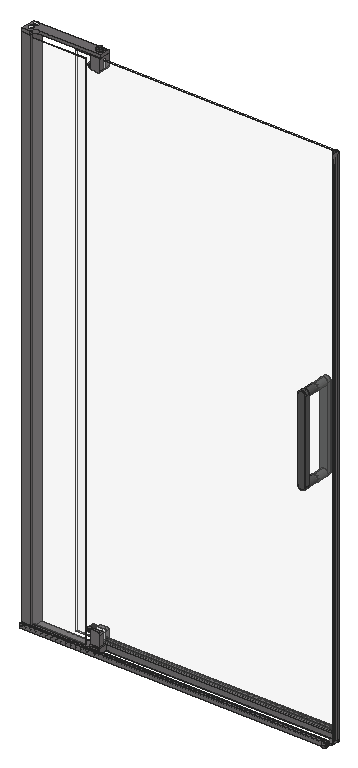
Revit family "Shower-Shower_Door-KOHLER-Revel-K-707531_1", category Specialty Equipment, host Face, Revit 2022
Family settings
  Host = Face
  Round Connector Dimension = Use Diameter
  Part Type = Normal
  OmniClass Number = 23.31.17.17
  OmniClass Title = Shower Enclosures
  Cut with Voids When Loaded = No
  Maintain Annotation Orientation = No
  Shared = No
  Room Calculation Point = No
Parameters (values of type "Clear Glass, ABZ-Anodized Dark Bronze")
  Width [instance] = 8.18898" + Walk Thru + 1.5748"  # 39.99815"
  WaterSense Certified = 1 = 0  # no
  Walk Thru [instance] = 30 15/64"
  URL = "https://www.us.kohler.com/us/"
  Type = 1
  Secondary Finish = Kohler-Glass-L-Crystal_Clear
  Product Page URL = "http://www.us.kohler.com/us/catalog/productDetails.jsp?productId=707531-L"
  Product Name = "Revel"  # constant formula
  Product Documentation Link = "https://www.us.kohler.com/webassets/kpna/catalog/pdf/en/K-707531-L_spec_US-CA_Kohler_en.pdf"
  Model = if(Type = 1, "K-707531-L-ABZ", if(Type = 2, "K-707531-L-BNK", if(Type = 3, "K-707531-L-SHP", if(Type = 4, "K-707531-D3-ABZ", if(Type = 5, "K-707531-D3-BNK", if(Type = 6, "K-707531-D3-SHP", "NA"))))))  # "K-707531-L-ABZ"
  Material = "Premium Metal Construction"  # constant formula
  Master Format 2014 Name = "Shower Doors"  # constant formula
  Master Format 2014 = "10 28 19.16"  # constant formula
  Manufacturer Address = "444 Highland Dr, Kohler, WI 53044"  # constant formula
  Manufacturer = "Kohler Co."  # constant formula
  Length = 4 7/64"  # constant formula
  Height = 70"  # constant formula
  Handle Finish = Kohler-Metal-BL-Matte_Black
  Finish = Kohler-Metal-ABZ-Anodized_Dark_Bronze
  Environmental Product Declaration = ""
  Description = if(or(Type < 4), "Pivot shower door, 70inch H x 35-1/8 - 40inch W, with 5/16inch thick Crystal Clear glass", "Pivot shower door, 70inch H x 35-1/8 - 40inch W, with 5/16inch thick Frosted glass")  # "Pivot shower door, 70inch H x 35-1/8 - 40inch W, with 5/16inch thick Crystal Clear glass"
  Default Elevation = 4"
  Declare Label = ""
  Date Modified = "06/20/2022"  # constant formula
  Date Created = "06/20/2022"  # constant formula
  Copyright = "Copyright Kohler Co."  # constant formula
  Contact Us = "https://www.us.kohler.com/us/static/contact.jsp"
  Assembly Code = "C1030200"
  ADA Compliant = 1 = 0  # no
Reference planes (in)
  plane 1 "Center (Front/Back)": y = 0
  plane 2: z = 0
  plane 3 "Center (Left/Right)": x = 0
  plane 4: y = 2.10994
  plane 5: y = 0.71149
  plane 6: y = -1.5326
  plane 7: x = -8.29527
  plane 8: y = 0.32149
  plane 9: y = -1.99943
  plane 10: y = -0.55188
  plane 11: x = -15.84581
  plane 12: z = 70
  plane 13: z = 70.36441
  plane 14: z = 69.11682
  plane 15: z = 68.1005
  plane 16: z = 40.94488
  plane 17: z = 40.45276
  plane 18: z = 29.82283
  plane 19: z = 29.33071
  plane 20: z = 2.1635
  plane 21: z = 0.62992
  plane 22: x = -16.48425
  plane 23: x = -6.72047
  plane 24: x = 23.5139
  plane 25: x = 23.13358
  plane 26: z = 68.66614
  plane 27: x = 23.01536
  plane 28: x = 20.56061
Dimensions and locks (in)
  plane 7 to plane 3 "Center (Left/Right)" = 8.29527"
  "Height": plane 12 to level
  "Length": plane 4 to plane 9
  locked: plane 23 to plane 3 "Center (Left/Right)" at 6.72047
  "Walk Thru": plane 23 to plane 24
  locked: plane 27 to plane 24 at 0.49854
  locked: plane 24 to plane 25 at 0.38032
  locked: plane 28 to plane 24 at 2.95329
  plane 19 to level = 29.33071"
  plane 16 to plane 19 = 11.61417"
  plane 7 to plane 22 = 8.18898"
  locked: plane 11 to plane 22 at 0.63844
  "Width": plane 24 to plane 22
  aligned and locked: plane 2 to host face
  aligned and locked: level to host face
  aligned and locked: plane 3 "Center (Left/Right)" to nested 1
Automatic sketch dimensions
  host sketch curve to host sketch curve = 96"  (x2)
Nested families (in)
  nested 1: "K-707531" at (0, 0, 0), type "K-707531"
Definition of nested family "K-707531"
  Parameters (values of type "K-707531")
    Width = Walk Thru + Distance + 1.5748"  # 40"
    Walk Thru = 30.23622"
    Material = none
    Height = 70"
    Handle Material = none
    Handle Height = 29.33071"
    Glass Material = none
    Distance = 8.18898"
    Default Elevation = 0"
  Reference planes (in)
    plane 1 "Center (Front/Back)": y = 0
    plane 2: z = 0
    plane 3 "Center (Left/Right)": x = 0
    plane 4: x = -16.48425
    plane 5: x = -8.29527
    plane 6 "K": x = 20.56246
    plane 7: z = 70
    plane 8: z = 69.64567
    plane 9 "D": z = 68.1005
    plane 10: z = 29.33071
    plane 11: z = 40.94488
    plane 12: y = 2.10994
    plane 13: y = -1.99772
    plane 14: y = 0.71149
    plane 15: y = -1.5326
    plane 16: z = 0.62992
    plane 17: z = 69.11682
    plane 18: x = -15.84363
    plane 19 "A": y = -0.55188
    plane 20 "B": y = 0.32149
    plane 21 "C": z = 2.1635
    plane 22: z = 68.91997
    plane 23: z = 68.66614
    plane 24: z = 40.45276
    plane 25: z = 29.82283
    plane 26: z = 70.36441
    plane 27: x = -6.72047
    plane 28: x = 23.51575
    plane 29: x = 22.87402
    plane 30: x = 23.37402
    plane 31: x = 23.01721
    plane 32: x = -7.40614
  Forms (in)
    Extrusion 1, solid, material <- "Material", detail levels medium+fine
      sketch origin (0, 0, 0) x (0, 1, 0) y (0, 0, 1)
        loop
          line (-0.27623, 0) -> (0.59855, 0)
          arc (0.59855, 0) -> (0.62415, 0.0106) -> (0.63475, 0.0362) r 0.0362
          line (0.63475, 0.0362) -> (0.63475, 0.21702)
          arc (0.63475, 0.21702) -> (0.62509, 0.24034) -> (0.60177, 0.25) r 0.03298
          line (0.60177, 0.25) -> (-1.2883, 0.25)
          arc (-1.2883, 0.25) -> (-1.3314, 0.26785) -> (-1.34925, 0.31095) r 0.06095
          line (-1.34925, 0.31095) -> (-1.34925, 0.48)
          arc (-1.34925, 0.48) -> (-1.40675, 0.5375) -> (-1.46425, 0.48) r 0.0575
          line (-1.46425, 0.48) -> (-1.46425, 0.26417)
          arc (-1.46425, 0.26417) -> (-1.42954, 0.17607) -> (-1.34408, 0.1353) r 0.12919
          line (-1.34408, 0.1353) -> (-0.30312, 0.06251) -> (-0.30312, 0.0269)
          arc (-0.30312, 0.0269) -> (-0.29525, 0.00788) -> (-0.27623, 0) r 0.0269
      from -16.48425 to -8.02475
    Extrusion 2, solid, material <- "Material", detail levels medium+fine
      sketch origin (0, 0, 0) x (0, 1, 0) y (0, 0, 1)
        loop
          line (-1.46425, 0.06988) -> (-0.33625, -0.00012) -> (-0.33625, 0.06) -> (-1.46425, 0.13) -> (-1.46425, 0.565) -> (-1.33425, 0.565) -> (-1.33425, 0.368)
          arc (-1.33425, 0.368) -> (-1.30425, 0.338) -> (-1.27425, 0.368) r 0.03
          line (-1.27425, 0.368) -> (-1.27425, 0.60686)
          arc (-1.27425, 0.60686) -> (-1.281, 0.62317) -> (-1.29731, 0.62992) r 0.02306
          line (-1.29731, 0.62992) -> (-1.50695, 0.62992)
          arc (-1.50695, 0.62992) -> (-1.52509, 0.62241) -> (-1.5326, 0.60427) r 0.02565
          line (-1.5326, 0.60427) -> (-1.5326, 0) -> (-1.48411, 0)
          arc (-1.48411, 0) -> (-1.47007, 0.00582) -> (-1.46425, 0.01986) r 0.01986
          line (-1.46425, 0.01986) -> (-1.46425, 0.06988)
      from -16.48425 to 23.37402
    Extrusion 3, solid, material <- "Material", detail levels medium+fine
      sketch origin (0, 0, 0) x (0, 1, 0) y (0, 0, 1)
        loop
          line (-1.23023, 0.67187) -> (-1.54853, 0.67187)
          arc (-1.54853, 0.67187) -> (-1.56451, 0.66526) -> (-1.57112, 0.64928) r 0.0226
          line (-1.57112, 0.64928) -> (-1.57112, 0.03588)
          arc (-1.57112, 0.03588) -> (-1.55186, 0.01661) -> (-1.5326, 0.03588) r 0.01926
          line (-1.5326, 0.03588) -> (-1.5326, 0.62992) -> (-1.25863, 0.62992) -> (-1.25862, 0.15799)
          arc (-1.25862, 0.15799) -> (-1.25033, 0.13693) -> (-1.22989, 0.12718) r 0.03089
          line (-1.22989, 0.12718) -> (-0.30312, 0.06237) -> (-0.30312, 0.02652)
          arc (-0.30312, 0.02652) -> (-0.29532, 0.00768) -> (-0.27648, -0.00013) r 0.02664
          line (-0.27648, -0.00013) -> (0.27012, -0.00013)
          arc (0.27012, -0.00013) -> (0.29328, 0.00947) -> (0.30288, 0.03263) r 0.03275
          line (0.30288, 0.03263) -> (0.30288, 0.20868)
          arc (0.30288, 0.20868) -> (0.29449, 0.22892) -> (0.27425, 0.23731) r 0.02863
          line (0.27425, 0.23731) -> (-1.17024, 0.23731)
          arc (-1.17024, 0.23731) -> (-1.19827, 0.24892) -> (-1.20987, 0.27694) r 0.03964
          line (-1.20987, 0.27694) -> (-1.20987, 0.65152)
          arc (-1.20987, 0.65152) -> (-1.21584, 0.66591) -> (-1.23023, 0.67187) r 0.02036
      from 23.51575 to 22.87402
    Extrusion 4, solid, material <- "Material", detail levels medium+fine
      sketch origin (0, 0, 0) x (1, 0, 0) y (0, 1, 0)
        loop
          line (-16.48425, -1.27425) -> (-15.36279, -1.27425) -> (-15.36279, -1.0745) -> (-15.92325, -1.0745)
          arc (-15.92325, -1.0745) -> (-15.95325, -0.95875) -> (-15.92325, -0.843) r 0.2383
          line (-15.92325, -0.843) -> (-15.359, -0.843) -> (-15.359, 0.64608) -> (-16.48425, 0.64608) -> (-16.48425, 0.5658) -> (-16.42405, 0.5658) -> (-16.42405, 0.2641) -> (-16.48425, 0.2641) -> (-16.48425, 0.19996) -> (-16.42405, 0.19996) -> (-16.42405, -0.42903) -> (-16.48425, -0.42903) -> (-16.48425, -0.49326) -> (-16.42405, -0.49326) -> (-16.42405, -1.21125) -> (-16.48425, -1.21125) -> (-16.48425, -1.27425)
      from 0.25 to 69.64567
    Extrusion 5, solid, material <- "Glass Material"
      sketch origin (0, 0, 0) x (1, 0, 0) y (0, 1, 0)
        loop
          arc (-15.92325, -0.843) -> (-15.95325, -0.95875) -> (-15.92325, -1.0745) r 0.2383
          line (-15.92325, -1.0745) -> (-8.32527, -1.0745)
          arc (-8.32527, -1.0745) -> (-8.29527, -0.95875) -> (-8.32527, -0.843) r 0.2383
          line (-8.32527, -0.843) -> (-15.92325, -0.843)
      from 0.625 to 69.11682
    Extrusion 6, solid, material <- "Material"
      sketch origin (0, 0, 0) x (1, 0, 0) y (0, 1, 0)
        loop
          line (-16.48425, -1.33251) -> (-15.3867, -1.33251)
          arc (-15.3867, -1.33251) -> (-15.3224, -1.30588) -> (-15.29577, -1.24158) r 0.09093
          line (-15.29577, -1.24158) -> (-15.29577, -1.16731)
          arc (-15.29577, -1.16731) -> (-15.14469, -0.80256) -> (-14.77993, -0.65147) r 0.51584
          line (-14.77993, -0.65147) -> (-6.73991, -0.65147) -> (-6.73991, 0.71149) -> (-16.48425, 0.71149) -> (-16.48425, -1.33251)
      from 69.64567 to 70
    Revolve 7, solid, detail levels medium+fine
      sketch origin (0, -0.55188, 0) x (0, 0, 1) y (-1, 0, 0)
        loop
          line (70, 15.84363) -> (70.17753, 15.84363)
          arc (70.17753, 15.84363) -> (70.13865, 15.98634) -> (70.03277, 16.08963) r 0.2814
          line (70.03277, 16.08963) -> (70, 16.08963) -> (70, 15.84363)
        axis (70, 15.84363) -> (70.17753, 15.84363)
      angle from 0 to 360
    Revolve 8, solid, detail levels medium+fine
      sketch origin (0, 0.32149, 0) x (0, 0, -1) y (-1, 0, 0)
        loop
          line (-70, 15.84363) -> (-70, 16.08963) -> (-70.03277, 16.08963)
          arc (-70.03277, 16.08963) -> (-70.13865, 15.98634) -> (-70.17753, 15.84363) r 0.2814
          line (-70.17753, 15.84363) -> (-70, 15.84363)
        axis (-70.17753, 15.84363) -> (-70, 15.84363)
      angle from 0 to 360
    Extrusion 9, solid, material <- "Material", detail levels medium+fine
      sketch origin (0, 0, 0) x (0, 1, 0) y (0, 0, 1)
        loop
          line (0.63475, 0) -> (0.63475, 0.625) -> (-0.72263, 0.625)
          arc (-0.72263, 0.625) -> (-0.75489, 0.61164) -> (-0.76825, 0.57938) r 0.04562
          line (-0.76825, 0.57938) -> (-0.76825, 0.31091)
          arc (-0.76825, 0.31091) -> (-0.78609, 0.26784) -> (-0.82916, 0.25) r 0.06091
          line (-0.82916, 0.25) -> (-1.10552, 0.25)
          arc (-1.10552, 0.25) -> (-1.13786, 0.26339) -> (-1.15125, 0.29573) r 0.04573
          line (-1.15125, 0.29573) -> (-1.15125, 0.59003)
          arc (-1.15125, 0.59003) -> (-1.16149, 0.61476) -> (-1.18622, 0.625) r 0.03497
          line (-1.18622, 0.625) -> (-1.24534, 0.625)
          arc (-1.24534, 0.625) -> (-1.2672, 0.61595) -> (-1.27625, 0.59409) r 0.03091
          line (-1.27625, 0.59409) -> (-1.27625, 0.312)
          arc (-1.27625, 0.312) -> (-1.31275, 0.2755) -> (-1.34925, 0.312) r 0.0365
          line (-1.34925, 0.312) -> (-1.34925, 0.48)
          arc (-1.34925, 0.48) -> (-1.40675, 0.5375) -> (-1.46425, 0.48) r 0.0575
          line (-1.46425, 0.48) -> (-1.46425, 0.26028)
          arc (-1.46425, 0.26028) -> (-1.43067, 0.17503) -> (-1.34797, 0.13559) r 0.125
          line (-1.34797, 0.13559) -> (-0.30275, 0.0625) -> (-0.30275, 0.03125)
          arc (-0.30275, 0.03125) -> (-0.2936, 0.00915) -> (-0.2715, 0) r 0.03125
          line (-0.2715, 0) -> (0.63475, 0)
      from -6.76525 to -8.02475
    Extrusion 10, solid, material <- "Material"
      sketch origin (0, 0, 0) x (1, 0, 0) y (0, 0, 1)
        loop
          arc (-6.80462, 0.7535) -> (-6.77678, 0.76503) -> (-6.76525, 0.79287) r 0.03937
          line (-6.76525, 0.79287) -> (-6.76525, 2.20243)
          arc (-6.76525, 2.20243) -> (-6.83527, 2.37148) -> (-7.00432, 2.4415) r 0.23907
          line (-7.00432, 2.4415) -> (-7.77509, 2.4415)
          arc (-7.77509, 2.4415) -> (-7.94491, 2.37116) -> (-8.01525, 2.20134) r 0.24016
          line (-8.01525, 2.20134) -> (-8.01525, 0.79202)
          arc (-8.01525, 0.79202) -> (-8.00397, 0.76478) -> (-7.97673, 0.7535) r 0.03852
          line (-7.97673, 0.7535) -> (-6.80462, 0.7535)
      from -0.699 to 0.6555
    Extrusion 11, void
      sketch origin (0, 0, 0) x (0, 1, 0) y (0, 0, 1)
        loop
          line (-0.223, 1.0975) -> (0.277, 1.0975) -> (0.277, 2.6723) -> (-0.223, 2.6723) -> (-0.223, 1.0975)
      from -8.374 to -5.62598
    Extrusion 12, solid
      sketch origin (0, 0, 0) x (1, 0, 0) y (0, 0, 1)
        loop
          line (-6.78494, 1.0975) -> (-6.78494, 2.20243)
          arc (-6.78494, 2.20243) -> (-6.84919, 2.35756) -> (-7.00432, 2.42181) r 0.21938
          line (-7.00432, 2.42181) -> (-7.77509, 2.42181)
          arc (-7.77509, 2.42181) -> (-7.93099, 2.35724) -> (-7.99556, 2.20134) r 0.22047
          line (-7.99556, 2.20134) -> (-7.99556, 1.0975) -> (-6.78494, 1.0975)
      from -0.277 to 0.223
    Revolve 13, solid, material <- "Material"
      sketch origin (0, 0, 2.1635) x (0, -1, 0) y (1, 0, 0)
        loop
          line (0.3524, -8.32761) -> (-0.39049, -8.32761) -> (-0.39049, -8.59986)
          arc (-0.39049, -8.59986) -> (-0.37874, -8.62823) -> (-0.35037, -8.63998) r 0.04012
          line (-0.35037, -8.63998) -> (-0.17426, -8.63998) -> (-0.17426, -8.59632) -> (-0.13508, -8.59632) -> (-0.13508, -8.48472) -> (0.097, -8.48472) -> (0.097, -8.59632) -> (0.13617, -8.59632) -> (0.13617, -8.63998) -> (0.31228, -8.63998)
          arc (0.31228, -8.63998) -> (0.34065, -8.62823) -> (0.3524, -8.59986) r 0.04012
          line (0.3524, -8.59986) -> (0.3524, -8.32761)
        axis (0.3524, -8.32761) -> (-0.39049, -8.32761)
      angle from 0 to 360
    Extrusion 14, solid
      sketch origin (0, 0, 0) x (1, 0, 0) y (0, 0, 1)
        loop
          circle (-7.07775, 1.5975) r 0.18898
        loop
          line (-7.07775, 1.72346) -> (-7.18683, 1.66048) -> (-7.18683, 1.53452) -> (-7.07775, 1.47154) -> (-6.96867, 1.53452) -> (-6.96867, 1.66048) -> (-7.07775, 1.72346)
        loop
          circle (-7.70273, 1.5975) r 0.18898
        loop
          line (-7.70273, 1.72346) -> (-7.81181, 1.66048) -> (-7.81181, 1.53452) -> (-7.70273, 1.47154) -> (-7.59364, 1.53452) -> (-7.59364, 1.66048) -> (-7.70273, 1.72346)
      from -0.64608 to -0.74844
    Revolve 15, solid, material <- "Material"
      sketch origin (0, 0, 68.1005) x (0, -1, 0) y (1, 0, 0)
        loop
          line (0.34548, -8.29527) -> (-0.39741, -8.29527) -> (-0.39741, -8.56752)
          arc (-0.39741, -8.56752) -> (-0.38566, -8.59589) -> (-0.35729, -8.60764) r 0.04012
          line (-0.35729, -8.60764) -> (-0.18118, -8.60764) -> (-0.18118, -8.56398) -> (-0.14201, -8.56398) -> (-0.14201, -8.45238) -> (0.09007, -8.45238) -> (0.09007, -8.56398) -> (0.12925, -8.56398) -> (0.12925, -8.60764) -> (0.30536, -8.60764)
          arc (0.30536, -8.60764) -> (0.33373, -8.59589) -> (0.34548, -8.56752) r 0.04012
          line (0.34548, -8.56752) -> (0.34548, -8.29527)
        axis (0.34548, -8.29527) -> (-0.39741, -8.29527)
      angle from 0 to 360
    Extrusion 16, solid, material <- "Material"
      sketch origin (0, 0, 0) x (0, 1, 0) y (0, 0, 1)
        loop
          arc (-0.097, 1.35312) -> (-0.11537, 1.37299) -> (-0.13662, 1.35624) r 0.01993
          line (-0.13662, 1.35624) -> (-0.1776, 1.0975) -> (0.20316, 1.0975) -> (0.20316, 1.33432)
          arc (0.20316, 1.33432) -> (0.2165, 1.35338) -> (0.23898, 1.34737) r 0.02029
          arc (0.23898, 1.34737) -> (0.2829, 1.29668) -> (0.32829, 1.24731) r 2.26458
          arc (0.32829, 1.24731) -> (0.34709, 1.18966) -> (0.31434, 1.13863) r 0.07073
          arc (0.31434, 1.13863) -> (0.33971, 1.11534) -> (0.37309, 1.12379) r 0.03623
          arc (0.37309, 1.12379) -> (0.42824, 1.15633) -> (0.49187, 1.16351) r 0.15339
          arc (0.49187, 1.16351) -> (0.52099, 1.19696) -> (0.4952, 1.23303) r 0.03577
          arc (0.4952, 1.23303) -> (0.28695, 1.37387) -> (0.20068, 1.61001) r 0.4083
          arc (0.20068, 1.61001) -> (0.17922, 1.64919) -> (0.135, 1.65554) r 0.04994
          line (0.135, 1.65554) -> (0.135, 1.1775)
          arc (0.135, 1.1775) -> (0.019, 1.1475) -> (-0.097, 1.1775) r 0.23927
          line (-0.097, 1.1775) -> (-0.097, 1.35312)
        loop
          line (0.25206, 1.15842) -> (0.26168, 0.02414)
          arc (0.26168, 0.02414) -> (0.28259, 0.00002) -> (0.30569, 0.02205) r 0.02205
          line (0.30569, 0.02205) -> (0.30569, 1.15843)
          arc (0.30569, 1.15843) -> (0.27885, 1.25716) -> (0.25206, 1.15842) r 0.05301
      from -6.76525 to 23.01721
    Extrusion 17, solid, material <- "Material", detail levels medium+fine
      sketch origin (0, 0.32149, 0) x (0, 0, -1) y (-1, 0, 0)
        loop
          arc (-69.47848, 8.033) -> (-69.50196, 8.02327) -> (-69.51168, 7.99979) r 0.03321
          line (-69.51168, 7.99979) -> (-69.51168, 6.8125)
          arc (-69.51168, 6.8125) -> (-69.50196, 6.78902) -> (-69.47848, 6.77929) r 0.03321
          line (-69.47848, 6.77929) -> (-68.07358, 6.77929)
          arc (-68.07358, 6.77929) -> (-67.8951, 6.85322) -> (-67.82117, 7.03171) r 0.25241
          line (-67.82117, 7.03171) -> (-67.82117, 7.78058)
          arc (-67.82117, 7.78058) -> (-67.8951, 7.95907) -> (-68.07358, 8.033) r 0.25241
          line (-68.07358, 8.033) -> (-69.47848, 8.033)
      from -0.97296 to 0.37751
    Extrusion 18, void
      sketch origin (0, 0, 0) x (0, 1, 0) y (0, 0, 1)
        loop
          line (-0.22762, 67.70203) -> (0.23512, 67.70203) -> (0.23512, 69.21197) -> (-0.22762, 69.21197) -> (-0.22762, 67.70203)
      from -8.32527 to -6.37881
    Extrusion 19, solid
      sketch origin (0, 0, 0) x (1, 0, 0) y (0, 0, 1)
        loop
          line (-7.78058, 67.84085) -> (-7.03171, 67.84085)
          arc (-7.03171, 67.84085) -> (-6.86714, 67.90902) -> (-6.79898, 68.07358) r 0.23273
          line (-6.79898, 68.07358) -> (-6.79898, 69.21197) -> (-8.01331, 69.21197) -> (-8.01331, 68.07358)
          arc (-8.01331, 68.07358) -> (-7.94515, 67.90902) -> (-7.78058, 67.84085) r 0.23273
      from -0.23512 to 0.22762
    Extrusion 20, solid, material <- "Glass Material"
      sketch origin (0, 0, 0) x (1, 0, 0) y (0, 1, 0)
        loop
          arc (23.31634, -0.1605) -> (23.37119, -0.00425) -> (23.31634, 0.152) r 0.25
          line (23.31634, 0.152) -> (-10.36891, 0.152)
          arc (-10.36891, 0.152) -> (-10.42375, -0.00425) -> (-10.36891, -0.1605) r 0.25
          line (-10.36891, -0.1605) -> (23.31634, -0.1605)
      from 1.0975 to 69.11682
    Extrusion 21, solid
      sketch origin (0, 0, 0) x (1, 0, 0) y (0, 0, 1)
        loop
          circle (-7.09313, 68.67035) r 0.18898
        loop
          line (-7.09313, 68.79631) -> (-7.20221, 68.73333) -> (-7.20221, 68.60737) -> (-7.09313, 68.54439) -> (-6.98404, 68.60737) -> (-6.98404, 68.73333) -> (-7.09313, 68.79631)
        loop
          circle (-7.71992, 68.67035) r 0.18898
        loop
          line (-7.71992, 68.79631) -> (-7.829, 68.73333) -> (-7.829, 68.60737) -> (-7.71992, 68.54439) -> (-7.61083, 68.60737) -> (-7.61083, 68.73333) -> (-7.71992, 68.79631)
      from -0.277 to -0.74844
    Revolve 22, solid, material <- "Handle Material"
      sketch origin (20.56246, 0, 0) x (0, 0, 1) y (0, -1, 0)
        loop
          line (40.45276, -1.59591) -> (40.94488, -1.59591) -> (40.94488, -0.135) -> (40.697, -0.135) -> (40.697, 0.097) -> (40.94488, 0.097) -> (40.94488, 1.47495) -> (40.45276, 1.47495) -> (40.45276, -1.59591)
        axis (40.45276, 1.47495) -> (40.45276, -1.59591)
      angle from 0 to 360
    Revolve 23, solid, material <- "Handle Material"
      sketch origin (20.56246, 0, 0) x (0, 0, 1) y (0, -1, 0)
        loop
          line (29.82283, -1.59591) -> (29.82283, 1.47495) -> (29.33071, 1.47495) -> (29.33071, 0.097) -> (29.57859, 0.097) -> (29.57859, -0.135) -> (29.33071, -0.135) -> (29.33071, -1.59591) -> (29.82283, -1.59591)
        axis (29.82283, -1.59591) -> (29.82283, 1.47495)
      angle from 0 to 360
    Sweep 24, solid, material <- "Handle Material", detail levels medium+fine
      path origin (0, 0, 0) x (1, 0, 0) y (0, 0, 1)
        loop
          arc (21.05458, 40.45276) -> (20.56246, 40.94488) -> (20.07033, 40.45276) r 0.49213
          line (20.07033, 40.45276) -> (20.07033, 29.82283)
          arc (20.07033, 29.82283) -> (20.56246, 29.33071) -> (21.05458, 29.82283) r 0.49213
          line (21.05458, 29.82283) -> (21.05458, 40.45276)
      profile origin (20.56246, 0, 40.94488) x (0, 0, -1) y (0, -1, 0)
        loop
          line (0, 1.47495) -> (0.07036, 1.47495) -> (0.07036, 1.99772) -> (0.03819, 1.99772)
          arc (0.03819, 1.99772) -> (0.01119, 1.98653) -> (0, 1.95953) r 0.03819
          line (0, 1.95953) -> (0, 1.47495)
    Extrusion 25, solid, material <- "Handle Material", detail levels medium+fine
      sketch origin (0, 0, 0) x (1, 0, 0) y (0, 0, 1)
        loop
          arc (20.14069, 29.82283) -> (20.56246, 29.40107) -> (20.98423, 29.82283) r 0.42177
          line (20.98423, 29.82283) -> (20.98423, 40.45276)
          arc (20.98423, 40.45276) -> (20.56246, 40.87452) -> (20.14069, 40.45276) r 0.42177
          line (20.14069, 40.45276) -> (20.14069, 29.82283)
      from 1.47495 to 1.99772
    Sweep 26, solid, material <- "Handle Material", detail levels medium+fine
      path origin (0, 0, 0) x (1, 0, 0) y (0, 0, 1)
        loop
          line (21.05458, 29.82283) -> (21.05458, 40.45276)
          arc (21.05458, 40.45276) -> (20.56246, 40.94488) -> (20.07033, 40.45276) r 0.49213
          line (20.07033, 40.45276) -> (20.07033, 29.82283)
          arc (20.07033, 29.82283) -> (20.56246, 29.33071) -> (21.05458, 29.82283) r 0.49213
      profile origin (20.56246, 0, 29.33071) x (0, 0, -1) y (0, -1, 0)
        loop
          line (-0.08322, -1.59591) -> (-0.08322, -2.10994) -> (-0.03596, -2.10994)
          arc (-0.03596, -2.10994) -> (-0.01053, -2.09941) -> (0, -2.07398) r 0.03596
          line (0, -2.07398) -> (0, -1.59591) -> (-0.08322, -1.59591)
    Extrusion 27, solid, material <- "Handle Material", detail levels medium+fine
      sketch origin (0, 0, 0) x (1, 0, 0) y (0, 0, 1)
        loop
          line (20.15355, 40.45276) -> (20.15355, 29.82283)
          arc (20.15355, 29.82283) -> (20.56246, 29.41393) -> (20.97136, 29.82283) r 0.4089
          line (20.97136, 29.82283) -> (20.97136, 40.45276)
          arc (20.97136, 40.45276) -> (20.56246, 40.86166) -> (20.15355, 40.45276) r 0.4089
      from -2.10994 to -1.59591
    Extrusion 28, solid, material <- "Material"
      sketch origin (0, 0, 0) x (1, 0, 0) y (0, 1, 0)
        loop
          circle (-7.40614, 0) r 0.23622
      from 0.565 to 0.7535
    Extrusion 29, void
      sketch origin (0, 0, 0) x (1, 0, 0) y (0, 1, 0)
        loop
          arc (-6.80404, -0.07487) -> (-6.97385, 0.46372) -> (-7.51243, 0.63353) r 0.6115
          arc (-7.51243, 0.63353) -> (-7.63532, 0.45802) -> (-7.45982, 0.33513) r 0.1515
          arc (-7.45982, 0.33513) -> (-7.18811, 0.24946) -> (-7.10243, -0.02225) r 0.3085
          arc (-7.10243, -0.02225) -> (-6.97954, -0.19776) -> (-6.80404, -0.07487) r 0.1515
      from 70 to 69.64567
    Extrusion 30, solid
      sketch origin (0, 0, 0) x (1, 0, 0) y (0, 1, 0)
        loop
          circle (-7.40625, 0.49132) r 0.07731
        loop
          circle (-7.40625, 0.49132) r 0.097
      from 70 to 69.57446
    Extrusion 31, solid, material <- "Handle Material", detail levels coarse
      sketch origin (0, 0, 0) x (1, 0, 0) y (0, 0, 1)
        loop
          line (20.07033, 40.94488) -> (20.07033, 29.33071) -> (21.05458, 29.33071) -> (21.05458, 40.94488) -> (20.07033, 40.94488)
      from 1.47495 to 1.99772
    Extrusion 32, solid, material <- "Handle Material", detail levels coarse
      sketch origin (0, 0, 0) x (1, 0, 0) y (0, 0, 1)
        loop
          line (20.07033, 40.94488) -> (20.07033, 29.33071) -> (21.05458, 29.33071) -> (21.05458, 40.94488) -> (20.07033, 40.94488)
      from -2.10994 to -1.59591
    Extrusion 33, solid, material <- "Material", detail levels coarse
      sketch origin (0, 0, 0) x (1, 0, 0) y (0, 1, 0)
        loop
          line (-15.359, -0.843) -> (-15.359, 0.64608) -> (-16.48425, 0.64608) -> (-16.48425, -1.27425) -> (-15.36279, -1.27425) -> (-15.36279, -1.0745) -> (-15.92325, -1.0745)
          arc (-15.92325, -1.0745) -> (-15.95325, -0.95875) -> (-15.92325, -0.843) r 0.2383
          line (-15.92325, -0.843) -> (-15.359, -0.843)
      from 0 to 69.64567
    Extrusion 34, solid, material <- "Material", detail levels coarse
      sketch origin (20.56246, 0, 0) x (0, 0, 1) y (0, -1, 0)
        loop
          line (0.25, -0.30288) -> (0.25, 1.27425) -> (0.62992, 1.27425) -> (0.62992, 1.5326) -> (0, 1.5326) -> (0, -0.30288) -> (0.25, -0.30288)
      from -37.04671 to 2.81156
    Extrusion 35, solid, material <- "Material"
      sketch origin (0, 0, 0) x (1, 0, 0) y (0, 1, 0)
        loop
          arc (23.51575, 0.28917) -> (23.50682, 0.31074) -> (23.48525, 0.31967) r 0.0305
          line (23.48525, 0.31967) -> (22.98356, 0.31967)
          arc (22.98356, 0.31967) -> (22.96606, 0.30217) -> (22.98356, 0.28466) r 0.0175
          line (22.98356, 0.28466) -> (23.03043, 0.28466)
          arc (23.03043, 0.28466) -> (23.00018, 0.27075) -> (22.97256, 0.25214) r 0.20599
          arc (22.97256, 0.25214) -> (22.93912, 0.2073) -> (22.93196, 0.15183) r 0.11038
          line (22.93196, 0.15183) -> (23.18229, 0.15183)
          arc (23.18229, 0.15183) -> (23.15804, 0.23382) -> (23.08928, 0.28466) r 0.13461
          line (23.08928, 0.28466) -> (23.44997, 0.28466)
          arc (23.44997, 0.28466) -> (23.47243, 0.27536) -> (23.48174, 0.2529) r 0.03177
          line (23.48174, 0.2529) -> (23.48174, -0.48012) -> (23.41155, -0.48012) -> (23.20215, -0.1617)
          arc (23.20215, -0.1617) -> (23.17906, -0.16372) -> (23.16807, -0.18411) r 0.02441
          line (23.16807, -0.18411) -> (23.38708, -0.51714) -> (23.51575, -0.51714) -> (23.51575, 0.28917)
      from 0 to 68.91997
    Revolve 36, solid
      sketch origin (0, 0, 0) x (1, 0, 0) y (0, 0, 1)
        loop
          line (-7.40614, 69.51168) -> (-7.40614, 70.31881) -> (-7.62158, 70.31881) -> (-7.62158, 70.36441) -> (-7.68448, 70.36441)
          arc (-7.68448, 70.36441) -> (-7.7027, 70.3576) -> (-7.71198, 70.3405) r 0.02777
          line (-7.71198, 70.3405) -> (-7.73118, 70.2039) -> (-7.76575, 70.2039) -> (-7.76575, 70.1409) -> (-7.64133, 70.1409) -> (-7.64133, 69.57446) -> (-8.02821, 69.57446) -> (-8.02821, 69.51168) -> (-7.40614, 69.51168)
        axis (-7.40614, 69.51168) -> (-7.40614, 70.36441)
      angle from 0 to 360
    Extrusion 37, solid, material <- "Material", detail levels coarse
      sketch origin (0, 0.32149, 0) x (0, 0, -1) y (-1, 0, 0)
        loop
          arc (-69.47848, 8.033) -> (-69.50196, 8.02327) -> (-69.51168, 7.99979) r 0.03321
          line (-69.51168, 7.99979) -> (-69.51168, 6.8125)
          arc (-69.51168, 6.8125) -> (-69.50196, 6.78902) -> (-69.47848, 6.77929) r 0.03321
          line (-69.47848, 6.77929) -> (-67.82117, 6.77929) -> (-67.82117, 8.033) -> (-69.47848, 8.033)
      from -0.97296 to 0.37751
  Cuts and joins
    Extrusion 11 cuts Extrusion 10
    Extrusion 18 cuts Extrusion 17
    joined: Sweep 26, Extrusion 27
    joined: Sweep 24, Extrusion 25
    Extrusion 29 cuts Extrusion 6
  Lines and regions (in)
    Masking region 1
      outline origin (0, 0, 0) x (1, 0, 0) y (0, 0, 1)
        loop
          line (-16.48425, 0) -> (23.51575, 0) -> (23.51575, 68.91997) -> (23.37402, 68.91997) -> (23.37402, 69.11682) -> (-6.77929, 69.11682) -> (-6.77929, 69.47848)
          arc (-6.77929, 69.47848) -> (-6.78049, 69.49525) -> (-6.78408, 69.51168) r 0.11765
          line (-6.78408, 69.51168) -> (-6.78408, 69.57446) -> (-7.17096, 69.57446) -> (-7.17096, 69.64567) -> (-6.72047, 69.64567) -> (-6.72047, 70) -> (-7.17096, 70) -> (-7.17096, 70.1409) -> (-7.04654, 70.1409) -> (-7.04654, 70.2039) -> (-7.08111, 70.2039) -> (-7.10073, 70.34349)
          arc (-7.10073, 70.34349) -> (-7.10885, 70.35845) -> (-7.1248, 70.36441) r 0.02431
          line (-7.1248, 70.36441) -> (-7.68749, 70.36441)
          arc (-7.68749, 70.36441) -> (-7.70344, 70.35845) -> (-7.71156, 70.34349) r 0.02431
          line (-7.71156, 70.34349) -> (-7.73118, 70.2039) -> (-7.76575, 70.2039) -> (-7.76575, 70.1409) -> (-7.64133, 70.1409) -> (-7.64133, 70) -> (-15.59763, 70) -> (-15.59763, 70.03277)
          arc (-15.59763, 70.03277) -> (-15.70095, 70.13855) -> (-15.84363, 70.17739) r 0.28153
          arc (-15.84363, 70.17739) -> (-15.98631, 70.13855) -> (-16.08963, 70.03277) r 0.28153
          line (-16.08963, 70.03277) -> (-16.08963, 70) -> (-16.48425, 70) -> (-16.48425, 0)
        loop
          line (-15.36279, 69.64567) -> (-15.36279, 69.11682) -> (-8.033, 69.11682) -> (-8.033, 69.47848)
          arc (-8.033, 69.47848) -> (-8.0318, 69.49525) -> (-8.02821, 69.51168) r 0.11765
          line (-8.02821, 69.51168) -> (-8.02821, 69.57446) -> (-7.64133, 69.57446) -> (-7.64133, 69.64567) -> (-15.36279, 69.64567)
        loop
          line (-8.29527, 1.0975) -> (-8.29527, 0.62992) -> (-7.64237, 0.62992) -> (-7.64237, 0.7535) -> (-7.97673, 0.7535)
          arc (-7.97673, 0.7535) -> (-8.00397, 0.76478) -> (-8.01525, 0.79202) r 0.03852
          line (-8.01525, 0.79202) -> (-8.01525, 1.0975) -> (-8.29527, 1.0975)
        loop
          line (-7.16992, 0.7535) -> (-7.16992, 0.62992) -> (-6.76525, 0.62992) -> (-6.76525, 0.79287)
          arc (-6.76525, 0.79287) -> (-6.77678, 0.76503) -> (-6.80462, 0.7535) r 0.03937
          line (-6.80462, 0.7535) -> (-7.16992, 0.7535)
    Masking region 2
      outline origin (20.56246, 0, 0) x (0, 0, 1) y (0, -1, 0)
        loop
          line (0, -0.63475) -> (0.21702, -0.63475)
          arc (0.21702, -0.63475) -> (0.24034, -0.62509) -> (0.25, -0.60177) r 0.03298
          line (0.25, -0.60177) -> (0.25, -0.64608) -> (0.7535, -0.64608) -> (0.7535, -0.699) -> (1.40852, -0.699) -> (1.40852, -0.74844) -> (1.78648, -0.74844) -> (1.78648, -0.699) -> (2.4415, -0.699) -> (2.4415, -0.64608) -> (29.33071, -0.64608) -> (29.33071, -2.07057)
          arc (29.33071, -2.07057) -> (29.34224, -2.09841) -> (29.37008, -2.10994) r 0.03937
          line (29.37008, -2.10994) -> (40.90716, -2.10994)
          arc (40.90716, -2.10994) -> (40.93383, -2.09889) -> (40.94488, -2.07222) r 0.03773
          line (40.94488, -2.07222) -> (40.94488, -0.64608) -> (67.82117, -0.64608) -> (67.82117, -0.699) -> (68.48137, -0.699) -> (68.48137, -0.74844) -> (68.85933, -0.74844) -> (68.85933, -0.699) -> (69.51168, -0.699) -> (69.51168, -0.64608) -> (69.64567, -0.64608) -> (69.64567, -0.71149) -> (70, -0.71149) -> (70, -0.56685) -> (70.03265, -0.56685)
          arc (70.03265, -0.56685) -> (70.12273, -0.48776) -> (70.17155, -0.37828) r 0.28036
          line (70.17155, -0.37828) -> (70.2039, -0.3596) -> (70.2039, -0.32484) -> (70.33604, -0.30626)
          arc (70.33604, -0.30626) -> (70.35633, -0.29525) -> (70.36441, -0.27363) r 0.03296
          line (70.36441, -0.27363) -> (70.36441, 0.27363)
          arc (70.36441, 0.27363) -> (70.35633, 0.29525) -> (70.33604, 0.30626) r 0.03296
          line (70.33604, 0.30626) -> (70.2039, 0.32484) -> (70.2039, 0.3596) -> (70.1409, 0.3596) -> (70.1409, 0.23689) -> (70, 0.23689) -> (70, 0.30652) -> (70.03265, 0.30652)
          arc (70.03265, 0.30652) -> (70.13849, 0.40945) -> (70.17736, 0.55188) r 0.28036
          arc (70.17736, 0.55188) -> (70.13849, 0.69431) -> (70.03265, 0.79724) r 0.28036
          line (70.03265, 0.79724) -> (70, 0.79724) -> (70, 1.33251) -> (69.64567, 1.33251) -> (69.64567, 1.27425) -> (40.94488, 1.27425) -> (40.94488, 1.95835)
          arc (40.94488, 1.95835) -> (40.93335, 1.98619) -> (40.90551, 1.99772) r 0.03937
          line (40.90551, 1.99772) -> (29.3726, 1.99772)
          arc (29.3726, 1.99772) -> (29.34298, 1.98545) -> (29.33071, 1.95583) r 0.04189
          line (29.33071, 1.95583) -> (29.33071, 1.27425) -> (0.67187, 1.27425) -> (0.67187, 1.54853)
          arc (0.67187, 1.54853) -> (0.66526, 1.56451) -> (0.64928, 1.57112) r 0.0226
          line (0.64928, 1.57112) -> (0.03587, 1.57112)
          arc (0.03587, 1.57112) -> (0.01661, 1.55186) -> (0.03587, 1.5326) r 0.01926
          line (0.03587, 1.5326) -> (0, 1.5326) -> (0, 1.48411)
          arc (0, 1.48411) -> (0.00582, 1.47007) -> (0.01986, 1.46425) r 0.01986
          line (0.01986, 1.46425) -> (0.06988, 1.46425) -> (-0.00012, 0.33625) -> (0.06, 0.33625) -> (0.13, 1.46425) -> (0.26417, 1.46425)
          arc (0.26417, 1.46425) -> (0.17607, 1.42954) -> (0.1353, 1.34408) r 0.12919
          line (0.1353, 1.34408) -> (0.06251, 0.30312) -> (0.0269, 0.30312)
          arc (0.0269, 0.30312) -> (0.00788, 0.29525) -> (0, 0.27623) r 0.0269
          line (0, 0.27623) -> (0, -0.63475)
        loop
          arc (0.48, 1.46425) -> (0.5375, 1.40675) -> (0.48, 1.34925) r 0.0575
          line (0.48, 1.34925) -> (0.312, 1.34925)
          arc (0.312, 1.34925) -> (0.2755, 1.31275) -> (0.312, 1.27625) r 0.0365
          line (0.312, 1.27625) -> (0.35723, 1.27625)
          arc (0.35723, 1.27625) -> (0.3385, 1.30973) -> (0.368, 1.33425) r 0.03
          line (0.368, 1.33425) -> (0.565, 1.33425) -> (0.565, 1.46425) -> (0.48, 1.46425)
        loop
          line (30.31291, 1.47495) -> (30.31291, 1.27425) -> (39.96063, 1.27425) -> (39.96063, 1.47495) -> (30.31291, 1.47495)
        loop
          line (39.96063, -1.59591) -> (39.96063, -0.64608) -> (30.31496, -0.64608) -> (30.31496, -1.59591) -> (39.96063, -1.59591)
    Masking region 3
      outline origin (0, 0, 0) x (1, 0, 0) y (0, 1, 0)
        loop
          line (-16.48425, -1.5326) -> (20.07033, -1.5326) -> (20.07033, -1.94529)
          arc (20.07033, -1.94529) -> (20.08569, -1.98236) -> (20.12276, -1.99772) r 0.05243
          line (20.12276, -1.99772) -> (20.56246, -1.99772) -> (21.00216, -1.99772)
          arc (21.00216, -1.99772) -> (21.03923, -1.98236) -> (21.05458, -1.94529) r 0.05243
          line (21.05458, -1.94529) -> (21.05458, -1.5326) -> (22.87402, -1.5326) -> (22.87402, -1.57112) -> (23.51575, -1.57112) -> (23.51575, 0.28917)
          arc (23.51575, 0.28917) -> (23.50682, 0.31074) -> (23.48525, 0.31967) r 0.0305
          line (23.48525, 0.31967) -> (23.01721, 0.31967) -> (23.01721, 0.52103) -> (21.05458, 0.52103) -> (21.05458, 2.07301)
          arc (21.05458, 2.07301) -> (21.04377, 2.09912) -> (21.01765, 2.10994) r 0.03693
          line (21.01765, 2.10994) -> (20.10726, 2.10994)
          arc (20.10726, 2.10994) -> (20.08115, 2.09912) -> (20.07033, 2.07301) r 0.03693
          line (20.07033, 2.07301) -> (20.07033, 0.52103) -> (-6.72047, 0.52103) -> (-6.72047, 0.71149) -> (-6.88877, 0.71149) -> (-6.88877, 0.74844) -> (-7.2807, 0.74844) -> (-7.2807, 0.71149) -> (-7.51519, 0.71149) -> (-7.51519, 0.74844) -> (-7.90889, 0.74844) -> (-7.90889, 0.71149) -> (-16.48425, 0.71149) -> (-16.48425, -1.5326)
        loop
          line (20.07033, -0.33625) -> (20.07033, -0.1776) -> (-6.72047, -0.1776) -> (-6.72047, -0.33625) -> (20.07033, -0.33625)
        loop
          line (21.05458, -0.33625) -> (22.87402, -0.33625) -> (22.87402, -0.1776) -> (21.05458, -0.1776) -> (21.05458, -0.33625)
    symbolic lines, detail levels medium+fine
      curve 1: line (-16.08963, 0, 70) -> (-15.59763, 0, 70)
      curve 2: line (-16.08963, 0, 70.03277) -> (-15.59763, 0, 70.03277)
      curve 3: line (-16.48425, 0, 69.64567) -> (-15.359, 0, 69.64567)
      curve 4: line (-15.36279, 0, 69.11682) -> (-15.36279, 0, 0.62992)
      curve 5: line (-8.29527, 0, 0.62992) -> (-16.48425, 0, 0.62992)
      curve 6: line (-8.29527, 0, 69.11682) -> (-8.29527, 0, 1.0975)
      curve 7: line (-8.01525, 0, 1.0975) -> (-8.01525, 0, 2.20134)
      curve 8: arc (-7.77509, 0, 2.4415) -> (-7.94491, 0, 2.37116) -> (-8.01525, 0, 2.20134) r 0.24016
      curve 9: line (-7.00432, 0, 2.4415) -> (-7.77509, 0, 2.4415)
      curve 10: arc (-6.76525, 0, 2.20243) -> (-6.83527, 0, 2.37148) -> (-7.00432, 0, 2.4415) r 0.23907
      curve 11: line (-6.76525, 0, 2.20243) -> (-6.76525, 0, 0.79287)
      curve 12: line (-7.64237, 0, 0.7535) -> (-7.16511, 0, 0.7535)
      curve 13: line (-7.64237, 0, 0.62992) -> (-7.16992, 0, 0.62992)
      curve 14: arc (-8.29527, 0, 1.85282) -> (-8.01525, 0, 2.1635) -> (-8.29527, 0, 2.47418) r 0.31236
      curve 15: line (-6.76525, 0, 0.62992) -> (22.87402, 0, 0.62992)
      curve 16: line (22.87402, 0, -0.00013) -> (22.87402, 0, 0.62992)
      curve 17: line (22.87402, 0, 0.67187) -> (23.51575, 0, 0.67187)
      curve 18: line (22.87402, 0, 0.67187) -> (22.87402, 0, 0.49938)
      curve 19: line (-6.76525, 0, 1.0975) -> (23.16807, 0, 1.0975)
      curve 20: line (-7.64133, 0, 69.64567) -> (-7.17096, 0, 69.64567)
      curve 21: line (-7.64133, 0, 69.57446) -> (-7.17096, 0, 69.57446)
      curve 22: line (-8.02821, 0, 69.51168) -> (-6.78408, 0, 69.51168)
      curve 23: line (-7.64133, 0, 70) -> (-7.17096, 0, 70)
      curve 24: line (-7.64133, 0, 70.1409) -> (-7.17096, 0, 70.1409)
      curve 25: line (-7.73118, 0, 70.2039) -> (-7.08111, 0, 70.2039)
      curve 26: line (20.07033, 0, 40.45276) -> (20.07033, 0, 29.82283)
      curve 27: line (21.05458, 0, 29.82283) -> (21.05458, 0, 40.45276)
      curve 28: arc (21.05458, 0, 40.45276) -> (20.56246, 0, 40.94488) -> (20.07033, 0, 40.45276) r 0.49213
      curve 29: arc (21.05458, 0, 29.82283) -> (20.56246, 0, 29.33071) -> (20.07033, 0, 29.82283) r 0.49213
      curve 30: line (-7.78058, 0, 67.82117) -> (-7.03171, 0, 67.82117)
      curve 31: arc (-7.78058, 0, 67.82117) -> (-7.95907, 0, 67.8951) -> (-8.033, 0, 68.07358) r 0.25241
      curve 32: arc (-6.77929, 0, 68.07358) -> (-6.85322, 0, 67.8951) -> (-7.03171, 0, 67.82117) r 0.25241
      curve 33: line (-8.033, 0, 68.07358) -> (-8.033, 0, 69.11682)
      curve 34: line (-6.77929, 0, 68.07358) -> (-6.77929, 0, 69.11682)
      curve 35: arc (-8.033, 0, 68.27015) -> (-8.14598, 0, 68.37488) -> (-8.29527, 0, 68.41286) r 0.31236
      curve 36: arc (-8.29527, 0, 67.78814) -> (-8.12638, 0, 67.83774) -> (-8.01112, 0, 67.97078) r 0.31236
      curve 37: line (20.56246, 0.60177, 0.25) -> (20.56246, -1.27425, 0.25)
      curve 38: line (20.56246, -1.27425, 0.25) -> (20.56246, -1.27425, 0.67187)
      curve 39: arc (20.56246, -1.27425, 0.60686) -> (20.56246, -1.281, 0.62317) -> (20.56246, -1.29731, 0.62992) r 0.02306
      curve 40: line (20.56246, -1.27425, 0.62992) -> (20.56246, -1.5326, 0.62992)
      curve 41: arc (20.56246, -1.50695, 0.62992) -> (20.56246, -1.52509, 0.62241) -> (20.56246, -1.5326, 0.60427) r 0.02565
      curve 42: line (20.56246, -1.5326, 0.62992) -> (20.56246, -1.5326, 0)
      curve 43: line (20.56246, -1.46425, 0.26028) -> (20.56246, -1.46425, 0.48)
      curve 44: line (20.56246, -1.46425, 0.13) -> (20.56246, -1.46425, 0.06988)
      curve 45: line (20.56246, 0.64608, 0.7535) -> (20.56246, 0.64608, 2.4415)
      curve 46: line (20.56246, 0.699, 1.40852) -> (20.56246, 0.699, 1.78648)
      curve 47: line (20.56246, 0.5658, 69.64567) -> (20.56246, 0.5658, 0.25)
      curve 48: line (20.56246, 0.2641, 0.25) -> (20.56246, 0.2641, 69.64567)
      curve 49: line (20.56246, 0.19996, 69.64567) -> (20.56246, 0.19996, 0.25)
      curve 50: line (20.56246, -0.42903, 0.25) -> (20.56246, -0.42903, 69.64567)
      curve 51: line (20.56246, -0.49326, 69.64567) -> (20.56246, -0.49326, 0.25)
      curve 52: line (20.56246, -1.21125, 0.25) -> (20.56246, -1.21125, 69.64567)
      curve 53: line (20.56246, 0.64608, 29.33071) -> (20.56246, 0.64608, 30.31496)
      curve 54: line (20.56246, -1.27425, 29.33071) -> (20.56246, -1.27425, 30.31291)
      curve 55: line (20.56246, 1.59591, 30.31496) -> (20.56246, 1.59591, 29.33071)
      curve 56: line (20.56246, -1.47495, 30.31291) -> (20.56246, -1.47495, 29.33071)
      curve 57: line (20.56246, 0.64608, 39.96063) -> (20.56246, 0.64608, 40.94488)
      curve 58: line (20.56246, 1.59591, 39.96063) -> (20.56246, 1.59591, 40.94488)
      curve 59: line (20.56246, -1.27425, 39.96063) -> (20.56246, -1.27425, 40.94488)
      curve 60: line (20.56246, -1.47495, 39.96063) -> (20.56246, -1.47495, 40.94488)
      curve 61: line (20.56246, 0.64608, 67.82117) -> (20.56246, 0.64608, 69.51168)
      curve 62: line (20.56246, 0.699, 68.48137) -> (20.56246, 0.699, 68.85933)
      curve 63: line (20.56246, 0.64608, 69.64567) -> (20.56246, -1.27425, 69.64567)
      curve 64: line (20.56246, 0.56685, 70) -> (20.56246, -0.23689, 70)
      curve 65: line (20.56246, -0.30652, 70) -> (20.56246, -0.79724, 70)
      curve 66: line (20.56246, -0.30652, 70.03265) -> (20.56246, -0.79724, 70.03265)
      curve 67: line (20.56246, 0.07518, 70) -> (20.56246, 0.07518, 70.03265)
      curve 68: line (20.56246, 0.07518, 70.03265) -> (20.56246, 0.56685, 70.03265)
      curve 69: arc (20.56246, 0.37828, 70.17155) -> (20.56246, 0.20368, 70.1524) -> (20.56246, 0.07518, 70.03265) r 0.2788
      curve 70: line (20.56246, -0.32484, 70.2039) -> (20.56246, 0.32504, 70.2039)
      curve 71: line (20.56246, -0.23519, 70.1409) -> (20.56246, 0.18131, 70.1409)
      curve 72: circle (-15.84363, 0.32149, 0) r 0.246 normal (0, 0, 1)
      curve 73: circle (-15.84363, -0.55188, 0) r 0.246 normal (0, 0, -1)
      curve 74: line (-7.90889, 0.71149, 0) -> (-7.51519, 0.71149, 0)
      curve 75: line (-7.2807, 0.71149, 0) -> (-6.88877, 0.71149, 0)
      curve 76: line (-6.72047, -0.22567, 0) -> (-6.72047, 0.52103, 0)
      curve 77: line (-6.72047, -0.33625, 0) -> (-6.72047, -0.65147, 0)
      curve 78: line (-6.72047, -0.65147, 0) -> (-14.77993, -0.65147, 0)
      curve 79: arc (-15.29577, -1.16731, 0) -> (-15.14469, -0.80256, 0) -> (-14.77993, -0.65147, 0) r 0.51584
      curve 80: line (-16.48425, -1.33251, 0) -> (-15.3867, -1.33251, 0)
      curve 81: arc (-15.3867, -1.33251, 0) -> (-15.3224, -1.30588, 0) -> (-15.29577, -1.24158, 0) r 0.09093
      curve 82: line (-15.29577, -1.24158, 0) -> (-15.29577, -1.16731, 0)
      curve 83: line (-8.32527, -0.843, 0) -> (-15.18107, -0.843, 0)
      curve 84: line (-15.28735, -1.0745, 0) -> (-8.32527, -1.0745, 0)
      curve 85: arc (-8.32527, -1.0745, 0) -> (-8.29527, -0.95875, 0) -> (-8.32527, -0.843, 0) r 0.2383
      curve 86: line (-6.76525, -0.65147, 0) -> (-6.76525, -1.27425, 0)
      curve 87: line (-8.02475, -1.27425, 0) -> (-8.02475, -0.65147, 0)
      curve 88: line (-15.30184, -1.27425, 0) -> (20.07033, -1.27425, 0)
      curve 89: line (-8.02475, -0.76825, 0) -> (-6.76525, -0.76825, 0)
      curve 90: line (-8.02475, -1.15125, 0) -> (-6.76525, -1.15125, 0)
      curve 91: arc (-7.62158, 0, 0) -> (-7.40614, 0.21543, 0) -> (-7.19071, 0, 0) r 0.21543
      curve 92: arc (-7.19071, 0, 0) -> (-7.40614, -0.21543, 0) -> (-7.62158, 0, 0) r 0.21543
      curve 93: arc (-7.76575, 0, 0) -> (-7.40614, 0.3596, 0) -> (-7.04654, 0, 0) r 0.3596
      curve 94: arc (-7.04654, 0, 0) -> (-7.40614, -0.3596, 0) -> (-7.76575, 0, 0) r 0.3596
      curve 95: circle (-7.40614, 0, 0) r 0.32504 normal (0, 0, 1)
      curve 96: line (-7.43499, 0.1285, 0) -> (-7.43499, 0.02884, 0)
      curve 97: line (-7.43499, 0.1285, 0) -> (-7.3773, 0.1285, 0)
      curve 98: line (-7.43499, -0.1285, 0) -> (-7.3773, -0.1285, 0)
      curve 99: line (-7.3773, 0.1285, 0) -> (-7.3773, 0.02884, 0)
      curve 100: line (-7.27764, 0.02884, 0) -> (-7.3773, 0.02884, 0)
      curve 101: line (-7.27764, 0.02884, 0) -> (-7.27764, -0.02884, 0)
      curve 102: line (-7.53464, 0.02884, 0) -> (-7.53464, -0.02884, 0)
      curve 103: line (-7.27764, -0.02884, 0) -> (-7.3773, -0.02884, 0)
      curve 104: line (-7.43499, -0.02884, 0) -> (-7.43499, -0.1285, 0)
      curve 105: line (-7.43499, 0.02884, 0) -> (-7.53464, 0.02884, 0)
      curve 106: line (-7.3773, -0.02884, 0) -> (-7.3773, -0.1285, 0)
      curve 107: line (-7.43499, -0.02884, 0) -> (-7.53464, -0.02884, 0)
      curve 108: line (-15.88036, 0.45572, 0) -> (-15.88036, 0.35822, 0)
      curve 109: line (-15.88036, 0.45572, 0) -> (-15.8069, 0.45572, 0)
      curve 110: line (-15.8069, 0.45572, 0) -> (-15.8069, 0.35822, 0)
      curve 111: line (-15.88036, 0.18726, 0) -> (-15.8069, 0.18726, 0)
      curve 112: line (-15.7094, 0.35822, 0) -> (-15.8069, 0.35822, 0)
      curve 113: line (-15.7094, 0.35822, 0) -> (-15.7094, 0.28476, 0)
      curve 114: line (-15.7094, 0.28476, 0) -> (-15.8069, 0.28476, 0)
      curve 115: line (-15.97785, 0.35822, 0) -> (-15.97785, 0.28476, 0)
      curve 116: line (-15.88036, 0.35822, 0) -> (-15.97785, 0.35822, 0)
      curve 117: line (-15.88036, 0.28476, 0) -> (-15.88036, 0.18726, 0)
      curve 118: line (-15.8069, 0.28476, 0) -> (-15.8069, 0.18726, 0)
      curve 119: line (-15.88036, 0.28476, 0) -> (-15.97785, 0.28476, 0)
      curve 120: line (-15.88036, -0.41765, 0) -> (-15.88036, -0.51515, 0)
      curve 121: line (-15.88036, -0.41765, 0) -> (-15.8069, -0.41765, 0)
      curve 122: line (-15.8069, -0.41765, 0) -> (-15.8069, -0.51515, 0)
      curve 123: line (-15.88036, -0.68611, 0) -> (-15.8069, -0.68611, 0)
      curve 124: line (-15.7094, -0.51515, 0) -> (-15.8069, -0.51515, 0)
      curve 125: line (-15.7094, -0.51515, 0) -> (-15.7094, -0.58861, 0)
      curve 126: line (-15.7094, -0.58861, 0) -> (-15.8069, -0.58861, 0)
      curve 127: line (-15.97785, -0.51515, 0) -> (-15.97785, -0.58861, 0)
      curve 128: line (-15.88036, -0.51515, 0) -> (-15.97785, -0.51515, 0)
      curve 129: line (-15.88036, -0.58861, 0) -> (-15.88036, -0.68611, 0)
      curve 130: line (-15.8069, -0.58861, 0) -> (-15.8069, -0.68611, 0)
      curve 131: line (-15.88036, -0.58861, 0) -> (-15.97785, -0.58861, 0)
      curve 132: line (-6.72047, 0.20225, 0) -> (20.07033, 0.20225, 0)
      curve 133: line (20.07033, 0.52103, 0) -> (20.07033, 0.152, 0)
      curve 134: line (21.05458, 0.52103, 0) -> (21.05458, 0.152, 0)
      curve 135: line (20.07033, -1.5326, 0) -> (20.07033, -0.33625, 0)
      curve 136: line (21.05458, -1.5326, 0) -> (21.05458, -0.33625, 0)
      curve 137: line (20.07033, -1.47495, 0) -> (21.05458, -1.47495, 0)
      curve 138: line (20.07033, 1.59591, 0) -> (21.05458, 1.59591, 0)
      curve 139: line (21.05458, 0.20136, 0) -> (22.93692, 0.20136, 0)
      curve 140: arc (-6.80404, -0.07487, 0) -> (-6.97385, 0.46372, 0) -> (-7.51243, 0.63353, 0) r 0.6115
      curve 141: arc (-7.51243, 0.63353, 0) -> (-7.63743, 0.49199, 0) -> (-7.52737, 0.33855, 0) r 0.1515
      curve 142: arc (-7.0746, -0.13925, 0) -> (-6.91817, -0.19594, 0) -> (-6.80404, -0.07487, 0) r 0.1515
      curve 143: arc (-7.30925, 0.49132, 0) -> (-7.40625, 0.58832, 0) -> (-7.50325, 0.49132, 0) r 0.097
      curve 144: arc (-7.48356, 0.49132, 0) -> (-7.40625, 0.56863, 0) -> (-7.32893, 0.49132, 0) r 0.07731
      curve 145: arc (-7.32893, 0.49132, 0) -> (-7.40625, 0.414, 0) -> (-7.48356, 0.49132, 0) r 0.07731
      curve 146: arc (-7.50325, 0.49132, 0) -> (-7.40625, 0.39432, 0) -> (-7.30925, 0.49132, 0) r 0.097
      curve 147: line (23.31634, 0.152, 0) -> (-6.72047, 0.152, 0)
      curve 148: line (-6.72047, -0.1605, 0) -> (23.31634, -0.1605, 0)
      curve 149: line (23.46091, 0, 0.67187) -> (23.46091, 0, 68.91997)
      curve 150: line (22.87402, -1.5326, 0) -> (22.87402, -0.33625, 0)
      curve 151: line (21.05458, -1.27425, 0) -> (22.87402, -1.27425, 0)
      curve 152: line (22.87402, -1.20987, 0) -> (23.51575, -1.20987, 0)
      curve 153: line (23.44997, 0.28466, 0) -> (23.08928, 0.28466, 0)
      curve 154: arc (23.1823, 0.152, 0) -> (23.15799, 0.23389, 0) -> (23.08928, 0.28466, 0) r 0.13461
      curve 155: arc (23.03043, 0.28466, 0) -> (23.00018, 0.27075, 0) -> (22.97256, 0.25214, 0) r 0.20599
      curve 156: arc (22.97256, 0.25214, 0) -> (22.93916, 0.20738, 0) -> (22.93194, 0.152, 0) r 0.11038
      curve 157: arc (22.98356, 0.31967, 0) -> (22.96606, 0.30217, 0) -> (22.98356, 0.28466, 0) r 0.0175
      curve 158: line (22.98356, 0.28466, 0) -> (23.03043, 0.28466, 0)
      curve 159: line (22.98356, 0.31967, 0) -> (23.01721, 0.31967, 0)
      curve 160: arc (23.31634, -0.1605, 0) -> (23.37119, -0.00425, 0) -> (23.31634, 0.152, 0) r 0.25
      curve 161: line (23.41155, -0.48012, 0) -> (23.20135, -0.1605, 0)
      curve 162: line (23.38708, -0.51714, 0) -> (23.16807, -0.18411, 0)
      curve 163: arc (23.19865, -0.1605, 0) -> (23.17756, -0.16479, 0) -> (23.16807, -0.18411, 0) r 0.02441
      curve 164: line (23.03043, 0.28466, 0) -> (23.08928, 0.28466, 0)
      curve 165: line (23.16807, 0, 68.91997) -> (23.37402, 0, 68.91997)
      curve 166: line (23.16807, 0, 0.67187) -> (23.16807, 0, 68.91997)
      curve 167: line (22.93196, 0, 0.67187) -> (22.93196, 0, 1.0975)
      curve 168: line (23.48174, -0.48012, 0) -> (23.41155, -0.48012, 0)
      curve 169: line (23.38708, -0.51714, 0) -> (23.51575, -0.51714, 0)
      curve 170: line (23.48174, 0.2529, 0) -> (23.48174, -0.48012, 0)
      curve 171: arc (23.44997, 0.28466, 0) -> (23.47243, 0.27536, 0) -> (23.48174, 0.2529, 0) r 0.03177
  Dimensions and locks (in)
    "Distance": plane 4 to plane 5
    locked: plane 3 "Center (Left/Right)" to plane 5 at 8.29527
    "Height": plane 7 to level
    locked: plane 7 to plane 8 at 0.35433
    locked: plane 8 to plane 9 "D" at 1.54517
    "Handle Height": plane 10 to level
    locked: plane 11 to plane 10 at 11.61417
    plane 13 to plane 12 = 4.10766"
    locked: plane 14 to plane 15 at 2.24409
    plane 16 to level = 0.62992"
    locked: plane 17 to plane 8 at 0.52885
    locked: plane 4 to plane 18 at 0.64062
    locked: Extrusion 6 sketch curve to plane 3 "Center (Left/Right)" at 6.73991
    locked: Extrusion 17 sketch curve to Extrusion 17 sketch curve at 1.69052
    locked: plane 8 to Extrusion 17 sketch curve at 0.13399
    locked: Extrusion 18 sketch curve to Extrusion 18 sketch curve at 1.50994
    locked: Extrusion 18 sketch curve to plane 17 at 0.09514
    locked: plane 7 to plane 22 at 1.08003
    locked: plane 23 to plane 7 at 1.33386
    locked: plane 11 to plane 24 at 0.49213
    locked: plane 25 to plane 10 at 0.49213
    locked: plane 26 to plane 7 at 0.36441
    plane 27 to plane 5 = 1.5748"
    locked: plane 27 to plane 5 at 1.5748
    "Walk Thru": plane 28 to plane 27
    locked: plane 6 "K" to plane 28 at 2.95329
    locked: plane 28 to plane 29 at 0.64173
    locked: plane 28 to plane 30 at 0.14173
    locked: plane 31 to plane 6 "K" at 2.45475
    locked: Extrusion 20 sketch curve to plane 28 at 0.14456
    locked: Extrusion 37 sketch curve to Extrusion 37 sketch curve at 1.69052
    aligned and locked: plane 2 to level
    aligned and locked: plane 4 to Extrusion 1
    aligned and locked: plane 4 to Extrusion 2
    aligned and locked: Extrusion 4 sketch curve to plane 4
    aligned and locked: plane 8 to Extrusion 4
    aligned and locked: plane 17 to Extrusion 5
    aligned and locked: Extrusion 6 sketch curve to plane 4
    aligned and locked: plane 7 to Extrusion 6
    aligned and locked: Extrusion 6 to plane 8
    aligned and locked: plane 7 to Revolve 7 sketch curve
    aligned and locked: Revolve 7 sketch curve to plane 18  (x2)
    aligned and locked: Revolve 8 sketch curve to plane 18
    aligned and locked: plane 7 to Revolve 8 sketch curve
    aligned and locked: plane 18 to Revolve 8 sketch curve
    aligned and locked: cut or joined group of Extrusion 17, Extrusion 18 to Extrusion 19 sketch curve
    aligned and locked: plane 17 to Extrusion 20
    aligned and locked: Revolve 22 sketch curve to plane 11
    aligned and locked: Revolve 22 sketch curve to plane 24
    aligned and locked: plane 24 to Revolve 22 sketch curve
    aligned and locked: Revolve 23 sketch curve to plane 10  (x2)
    aligned and locked: Revolve 23 sketch curve to plane 25  (x2)
    aligned and locked: Sweep 24 sketch curve to Revolve 22
    aligned and locked: Sweep 24 sketch curve to Revolve 23
    aligned and locked: Extrusion 25 sketch curve to Sweep 24  (x2)
    aligned and locked: Sweep 26 sketch curve to Revolve 23
    aligned and locked: Sweep 26 sketch curve to Revolve 22
    aligned and locked: Extrusion 27 sketch curve to Sweep 26  (x2)
    aligned and locked: Masking region 1 sketch curve to plane 4
    aligned and locked: Masking region 1 sketch curve to plane 7
    aligned and locked: Extrusion 6 to Masking region 1 sketch curve
    aligned and locked: Extrusion 4 to Masking region 1 sketch curve
    aligned and locked: Masking region 1 sketch curve to plane 17
    aligned and locked: curve 28 to Revolve 22
    aligned and locked: curve 29 to Revolve 23
    aligned and locked: plane 10 to Masking region 2 sketch curve
    aligned and locked: plane 7 to Masking region 2 sketch curve
    aligned and locked: plane 26 to Masking region 2 sketch curve
    aligned and locked: plane 8 to Masking region 2 sketch curve
    aligned and locked: Masking region 3 sketch curve to plane 4
    aligned and locked: curve 72 to Revolve 8
    aligned and locked: curve 73 to Revolve 7
    aligned and locked: curve 79 to Extrusion 6
    aligned and locked: Extrusion 6 to Extrusion 29  (x2)
    aligned and locked: cut or joined group of Extrusion 6, Extrusion 29 to Extrusion 30
    aligned and locked: Extrusion 31 sketch curve to curve 26
    aligned and locked: Extrusion 31 sketch curve to curve 27
    aligned and locked: Extrusion 31 sketch curve to plane 11
    aligned and locked: Extrusion 31 sketch curve to plane 10
    aligned and locked: Extrusion 32 sketch curve to Extrusion 31  (x2)
    aligned and locked: Extrusion 32 sketch curve to plane 11
    aligned and locked: Extrusion 32 sketch curve to plane 10
    aligned and locked: Extrusion 33 sketch curve to Extrusion 4  (x2)
    aligned and locked: Extrusion 33 sketch curve to plane 4
    aligned and locked: plane 8 to Extrusion 33
    aligned and locked: plane 4 to Extrusion 34
    aligned and locked: plane 27 to Masking region 1 sketch curve
    aligned and locked: plane 29 to Extrusion 3
    aligned and locked: curve 16 to plane 29
    aligned and locked: plane 29 to curve 18
    aligned and locked: plane 30 to Extrusion 34
    aligned and locked: plane 30 to Extrusion 2
    aligned and locked: plane 31 to Extrusion 16
    aligned and locked: Masking region 3 sketch curve to plane 29
    aligned and locked: plane 29 to Masking region 3 sketch curve
    aligned and locked: Extrusion 35 sketch curve to plane 28
    aligned and locked: plane 22 to Extrusion 35
    aligned and locked: Masking region 3 sketch curve to plane 28
    aligned and locked: Masking region 1 sketch curve to plane 22
    aligned and locked: Masking region 1 sketch curve to plane 30
    aligned and locked: curve 168 to Extrusion 35
    aligned and locked: curve 169 to Extrusion 35
    aligned and locked: curve 171 to Extrusion 35
    aligned and locked: plane 28 to Extrusion 3
  Automatic sketch dimensions
    curve 91 to curve 93 = 0"  (x2)
    curve 92 to curve 95 = 0"
    curve 94 to curve 95 = 0"
    curve 145 to curve 146 = 0"  (x2)
    curve 80 to plane 4 = 0"
    curve 74 to plane 14 = 0"
